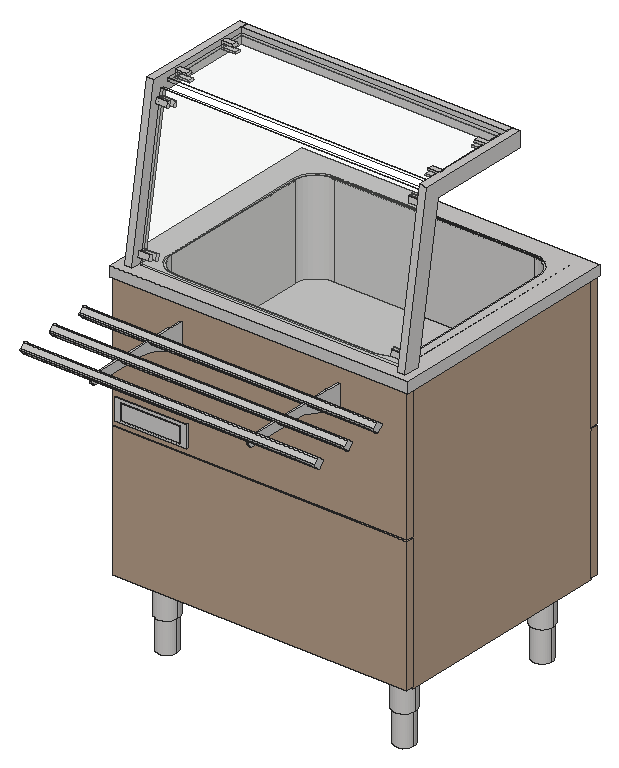
Revit family "QF_ELECTROLUXPROFESSIONAL_322075_F01H2AF01W", category Specialty Equipment, Revit 2018
Family settings
  Round Connector Dimension = Use Diameter
  Part Type = Normal
  Work Plane-Based = No
  Always vertical = Yes
  Cut with Voids When Loaded = No
  Shared = No
  Room Calculation Point = No
Parameters (values of type "Standard")
  Weight = 86.50 kg
  Watts = 0 W
  Volts = 220 V
  URL Manufacturer = "http://professional.electrolux.com"
  URL = "http://professional.electrolux.com"
  Steam Supply Size = 0 mm
  Steam Supply Minimum Pressure = 0.0 Pa
  Steam Supply Maximum Pressure = 0.0 Pa
  Steam Pounds per Hour = 0
  Show Clearance [instance] = yes
  Refrigeration Suction Line Size = 0 mm
  Refrigeration Liquid Line Size = 0 mm
  Refrigerant Compressor Remote = yes
  Manufacturer = "Electrolux Professional"
  Phase = 1
  Model = "F01H2AF01W"
  Length Actual = 770 mm  # constant formula
  Item Number = "322075"
  Hot Water Size = 0 mm
  Height Actual = 1304 mm  # constant formula
  HP = "2.7 HP"
  Gas Size = 0 mm
  Gas KW = 0
  Gas Input Pressure = 0 W
  Direct Waste Size = 19.05 mm
  Description = "BAIN-MARIE, WATER, SINGLE WELL, 2GN H=900MM OVERSHELF W/LED LIGHTS"
  Depth Actual = 915 mm  # constant formula
  Cycle = 60 Hz
  Condensate Return Size = 0 mm
  Compressed Air Volume = 0.0 L/s
  Compressed Air Size = 0 mm
  Compressed Air Pressure = 0.0 Pa
  Cold Water Size = 0 mm
  Accessory = yes
Types (2, lengths in mm): name | URL | Manufacturer | Phase | Model | Description
  (no name) | 0 | 0 | 0 | 0 | 0
  Standard | "http://professional.electrolux.com" | "Electrolux Professional" | 1 | "F01H2AF01W" | "BAIN-MARIE, WATER, SINGLE WELL, 2GN H=900MM OVERSHELF W/LED LIGHTS"
Values of the unnamed type that differ from the named types
  Volts = 0 V
  URL Manufacturer = ""
  Item Number = ""
  Cycle = 0 Hz
Reference planes
  plane 1 "Centro (Fronte/Retro)": y = 74.737
  plane 2: z = 0
  plane 3 "BACK": y = 384.737
  plane 4 "FRONT": y = -235.263
  plane 5: z = 900
  plane 6 "RIGHT": x = -129.269
  plane 7 "LEFT": x = -899.269
  plane 8: x = -514.269
  plane 9: y = 664.737
  plane 10: y = -530.02
  plane 11: z = 178
  plane 12: z = 1304
  plane 13: z = 1222
  plane 14: y = 297.737
  plane 15: y = -148.263
  plane 16: x = -821.269
  plane 17: x = -207.269
  plane 18: x = -895.269
  plane 19: y = -231.263
  plane 20: x = -133.269
  plane 21: y = 380.737
  plane 22: z = 874
  plane 23: y = 362.737
  plane 24: y = -213.263
  plane 25: z = 182
  plane 26: z = 527
  plane 27: z = 531
  plane 28: x = -308.269
  plane 29: x = -720.269
  plane 30: x = -877.394
  plane 31: x = -151.144
  plane 32: x = -171.144
  plane 33: x = -857.394
  plane 34: x = -849.269
  plane 35: x = -179.269
  plane 36: y = 130.237
  plane 37: y = 19.237
  plane 38: y = 33.237
  plane 39: y = 116.237
  plane 40: x = -787.269
  plane 41: x = -234.269
Forms (mm)
  Extrusion 1, solid, material "QF_Finishes_Wood"
    sketch origin (0, 0, 0) x (1, 0, 0) y (0, 1, 0)
      loop
        line (-895.269, 362.737) -> (-895.269, -213.263) -> (-133.269, -213.263) -> (-133.269, 362.737) -> (-895.269, 362.737)
    from 178 to 874
  Extrusion 2, solid, material "QF_Finishes_Wood"
    sketch origin (-133.269, 362.737, 0) x (0, -1, 0) y (0, 0, -1)
      loop
        line (576, -182) -> (576, -527) -> (594, -527) -> (594, -182) -> (576, -182)
      loop
        line (576, -531) -> (576, -874) -> (594, -874) -> (594, -531) -> (576, -531)
    from 0 to -762
  Extrusion 3, solid, material "QF_Finishes_Wood"
    sketch origin (-133.269, -213.263, 0) x (0, 1, 0) y (0, 0, 1)
      loop
        line (576, 531) -> (594, 531) -> (594, 874) -> (576, 874) -> (576, 531)
    from 0 to -762
  Extrusion 4, solid, material "QF_Finishes_Stainless Steel"
    sketch origin (0, 0, 0) x (1, 0, 0) y (0, 1, 0)
      loop
        line (-899.269, 384.737) -> (-899.269, -235.263) -> (-129.269, -235.263) -> (-129.269, 384.737) -> (-899.269, 384.737)
    from 874 to 900
  Extrusion 5, solid, material "QF_Finishes_Stainless Steel"
    sketch origin (-313.269, 362.737, 0) x (0, -1, 0) y (0, 0, -1)
      loop
        arc (628.84, -832.7) -> (632.082, -833.911) -> (635.519, -834.32) r 14.5
        line (635.519, -834.32) -> (675.715, -834.32) -> (689.858, -820.177) -> (704, -834.32) -> (770.715, -834.32) -> (784.858, -820.177) -> (799, -834.32) -> (865.716, -834.32) -> (879.858, -820.177) -> (887.686, -828.005) -> (887.686, -821.352)
        arc (887.686, -821.352) -> (887.303, -819.435) -> (886.214, -817.81) r 4.999
        line (886.214, -817.81) -> (881.179, -812.776)
        arc (881.179, -812.776) -> (879.559, -811.698) -> (877.651, -811.32) r 5
        line (877.651, -811.32) -> (732.206, -811.32)
        arc (732.206, -811.32) -> (708.662, -809.221) -> (685.86, -802.991) r 133.106
        line (685.86, -802.991) -> (638.285, -785.32) -> (597.679, -770.12) -> (594, -770.12) -> (594, -832.7) -> (628.84, -832.7)
    from 0 to 5
  Extrusion 6, void
    sketch origin (0, 0, 0) x (1, 0, 0) y (0, 1, 0)
      loop
        line (-834.269, 273.737) -> (-834.269, -124.263)
        arc (-834.269, -124.263) -> (-816.402, -167.396) -> (-773.269, -185.263) r 61
        line (-773.269, -185.263) -> (-255.269, -185.263)
        arc (-255.269, -185.263) -> (-212.135, -167.396) -> (-194.269, -124.263) r 61
        line (-194.269, -124.263) -> (-194.269, 273.737)
        arc (-194.269, 273.737) -> (-212.135, 316.871) -> (-255.269, 334.737) r 61
        line (-255.269, 334.737) -> (-773.269, 334.737)
        arc (-773.269, 334.737) -> (-816.402, 316.871) -> (-834.269, 273.737) r 61
    from 629.808 to 900
  Extrusion 7, solid, material "QF_Finishes_Wood"
    sketch origin (419.731, -213.263, -348) x (0, 1, 0) y (0, 0, 1)
      loop
        line (576, 530) -> (594, 530) -> (594, 875) -> (576, 875) -> (576, 530)
    from -553 to -658.044
  Extrusion 8, solid, material "QF_Finishes_Wood"
    sketch origin (-234.269, -213.263, -348) x (0, 1, 0) y (0, 0, 1)
      loop
        line (576, 530) -> (594, 530) -> (594, 875) -> (576, 875) -> (576, 530)
    from -548.963 to -661
  Extrusion 9, solid, material "QF_Door-Drawer Clearances", visible <- "Show Clearance"
    sketch origin (0, -4, 0) x (1, 0, 0) y (0, 1, 0)
      loop
        line (-783.232, 384.737) -> (-238.312, 384.737) -> (-710.987, 657.636)
        arc (-710.987, 657.636) -> (-765.12, 525.955) -> (-783.232, 384.737) r 544.001
    from 182 to 527
  Extrusion 10, solid, material "QF_Finishes_Stainless Steel"
    sketch origin (-720.269, 362.737, 0) x (0, -1, 0) y (0, 0, -1)
      loop
        arc (628.84, -832.7) -> (632.082, -833.911) -> (635.519, -834.32) r 14.5
        line (635.519, -834.32) -> (675.715, -834.32) -> (689.858, -820.177) -> (704, -834.32) -> (770.715, -834.32) -> (784.858, -820.177) -> (799, -834.32) -> (865.716, -834.32) -> (879.858, -820.177) -> (887.686, -828.005) -> (887.686, -821.352)
        arc (887.686, -821.352) -> (887.303, -819.435) -> (886.214, -817.81) r 4.999
        line (886.214, -817.81) -> (881.179, -812.776)
        arc (881.179, -812.776) -> (879.559, -811.698) -> (877.651, -811.32) r 5
        line (877.651, -811.32) -> (732.206, -811.32)
        arc (732.206, -811.32) -> (708.662, -809.221) -> (685.86, -802.991) r 133.106
        line (685.86, -802.991) -> (638.285, -785.32) -> (597.679, -770.12) -> (594, -770.12) -> (594, -832.7) -> (628.84, -832.7)
    from 0 to 5
  Extrusion 11, solid, material "QF_Finishes_Stainless Steel"
    sketch origin (-133.269, 362.737, 0) x (0, -1, 0) y (0, 0, -1)
      loop
        line (881.983, -846.337) -> (891.875, -836.445)
        arc (891.875, -836.445) -> (892.757, -834.322) -> (891.879, -832.198) r 3
        line (891.879, -832.198) -> (881.979, -822.299)
        arc (881.979, -822.299) -> (879.858, -821.42) -> (877.737, -822.299) r 3
        line (877.737, -822.299) -> (867.837, -832.198)
        arc (867.837, -832.198) -> (866.958, -834.32) -> (867.837, -836.441) r 3
        line (867.837, -836.441) -> (877.737, -846.34)
        arc (877.737, -846.34) -> (879.86, -847.219) -> (881.983, -846.337) r 3
      loop
        line (786.979, -846.34) -> (796.879, -836.441)
        arc (796.879, -836.441) -> (797.757, -834.32) -> (796.879, -832.198) r 3
        line (796.879, -832.198) -> (786.979, -822.299)
        arc (786.979, -822.299) -> (784.858, -821.42) -> (782.737, -822.299) r 3
        line (782.737, -822.299) -> (772.837, -832.198)
        arc (772.837, -832.198) -> (771.958, -834.317) -> (772.833, -836.437) r 3
        line (772.833, -836.437) -> (782.741, -846.345)
        arc (782.741, -846.345) -> (784.861, -847.219) -> (786.979, -846.34) r 3
      loop
        line (691.976, -846.343) -> (701.882, -836.438)
        arc (701.882, -836.438) -> (702.757, -834.318) -> (701.879, -832.198) r 3
        line (701.879, -832.198) -> (691.979, -822.299)
        arc (691.979, -822.299) -> (689.858, -821.42) -> (687.737, -822.299) r 3
        line (687.737, -822.299) -> (677.837, -832.198)
        arc (677.837, -832.198) -> (676.958, -834.32) -> (677.837, -836.441) r 3
        line (677.837, -836.441) -> (687.737, -846.34)
        arc (687.737, -846.34) -> (689.856, -847.219) -> (691.976, -846.343) r 3
    from 0 to -762
  Extrusion 12, solid, material "QF_Finishes_Stainless Steel"
    sketch origin (-133.269, 362.737, 0) x (0, -1, 0) y (0, 0, -1)
      loop
        line (206.477, -1264.379) -> (206.477, -1304) -> (507.108, -1304) -> (578.344, -900) -> (537.727, -900) -> (473.477, -1264.379) -> (206.477, -1264.379)
    from -17.875 to -37.875
  Extrusion 13, solid, material "QF_Finishes_Stainless Steel"
    sketch origin (-895.269, 362.737, 0) x (0, -1, 0) y (0, 0, 1)
      loop
        line (206.477, 1264.379) -> (473.477, 1264.379) -> (537.727, 900) -> (578.344, 900) -> (507.108, 1304) -> (206.477, 1304) -> (206.477, 1264.379)
    from -17.875 to -37.875
  Extrusion 14, solid, material "QF_Finishes_Glass"
    sketch origin (-133.269, -231.263, 531) x (0, 0, 1) y (-1, 0, 0)
      loop
        line (757.879, 46) -> (765.879, 46) -> (765.879, 716) -> (757.879, 716) -> (757.879, 46)
    from -361.5 to -120.204
  Extrusion 15, solid, material "QF_Finishes_Stainless Steel"
    sketch origin (0, 0, 0) x (1, 0, 0) y (0, 1, 0)
      loop
        line (-857.394, 156.26) -> (-857.394, 136.26) -> (-171.144, 136.26) -> (-171.144, 156.26) -> (-857.394, 156.26)
    from 1264.379 to 1304
  Extrusion 16, solid, material "QF_Finishes_Glass"
    sketch origin (-133.269, 362.737, 0) x (0, -1, 0) y (0, 0, -1)
      loop
        line (494.569, -1282.974) -> (562.097, -900) -> (553.974, -900) -> (486.445, -1282.974) -> (494.569, -1282.974)
    from -46 to -716
  Extrusion 17, solid, material "QF_Finishes_Stainless Steel"
    sketch origin (-133.269, -64.263, 531) x (0, 0, 1) y (-1, 0, 0)
      loop
        line (765.879, 691.5) -> (770.879, 693.5) -> (770.879, 724.125) -> (750.879, 724.125) -> (750.879, 716) -> (751.974, 716) -> (751.974, 685.938) -> (755.879, 687.5) -> (755.879, 717) -> (765.879, 717) -> (765.879, 691.5)
    from 0 to 14
  Extrusion 18, solid, material "QF_Finishes_Stainless Steel"
    sketch origin (-133.269, 85.737, 531) x (0, 0, 1) y (-1, 0, 0)
      loop
        line (765.879, 691.5) -> (770.879, 693.5) -> (770.879, 724.125) -> (750.879, 724.125) -> (750.879, 716) -> (751.974, 716) -> (751.974, 685.938) -> (755.879, 687.5) -> (755.879, 717) -> (765.879, 717) -> (765.879, 691.5)
    from 0 to 14
  Extrusion 19, solid, material "QF_Finishes_Stainless Steel"
    sketch origin (-895.269, -64.263, 531) x (0, 0, 1) y (-1, 0, 0)
      loop
        line (765.879, -691.5) -> (765.879, -717) -> (755.879, -717) -> (755.879, -687.5) -> (751.974, -685.938) -> (751.974, -716) -> (750.879, -716) -> (750.879, -724.125) -> (770.879, -724.125) -> (770.879, -693.5) -> (765.879, -691.5)
    from 0 to 14
  Extrusion 20, solid, material "QF_Finishes_Stainless Steel"
    sketch origin (-895.269, 85.737, 531) x (0, 0, 1) y (-1, 0, 0)
      loop
        line (765.879, -691.5) -> (765.879, -717) -> (755.879, -717) -> (755.879, -687.5) -> (751.974, -685.938) -> (751.974, -716) -> (750.879, -716) -> (750.879, -724.125) -> (770.879, -724.125) -> (770.879, -693.5) -> (765.879, -691.5)
    from 0 to 14
  Extrusion 21, solid, material "QF_Finishes_Stainless Steel"
    sketch origin (-895.269, 619.458, 1129.907) x (0, -0.984808, 0.173648) y (-1, 0, 0)
      loop
        line (765.879, -691.5) -> (765.879, -717) -> (755.879, -717) -> (755.879, -687.5) -> (751.974, -685.938) -> (751.974, -716) -> (750.879, -716) -> (750.879, -724.125) -> (770.879, -724.125) -> (770.879, -693.5) -> (765.879, -691.5)
    from 0 to 14
  Extrusion 22, solid, material "QF_Finishes_Stainless Steel"
    sketch origin (-133.269, 619.458, 1129.907) x (0, -0.984808, 0.173648) y (-1, 0, 0)
      loop
        line (765.879, 691.5) -> (770.879, 693.5) -> (770.879, 724.125) -> (750.879, 724.125) -> (750.879, 716) -> (751.974, 716) -> (751.974, 685.938) -> (755.879, 687.5) -> (755.879, 717) -> (765.879, 717) -> (765.879, 691.5)
    from 0 to 14
  Extrusion 23, solid, material "QF_Finishes_Stainless Steel"
    sketch origin (-895.269, 562.154, 799.389) x (0, -0.984808, 0.173648) y (-1, 0, 0)
      loop
        line (765.879, -691.5) -> (765.879, -717) -> (755.879, -717) -> (755.879, -687.5) -> (751.974, -685.938) -> (751.974, -716) -> (750.879, -716) -> (750.879, -724.125) -> (770.879, -724.125) -> (770.879, -693.5) -> (765.879, -691.5)
    from 0 to 14
  Extrusion 24, solid, material "QF_Finishes_Stainless Steel"
    sketch origin (-133.269, 562.154, 799.389) x (0, -0.984808, 0.173648) y (-1, 0, 0)
      loop
        line (765.879, 691.5) -> (770.879, 693.5) -> (770.879, 724.125) -> (750.879, 724.125) -> (750.879, 716) -> (751.974, 716) -> (751.974, 685.938) -> (755.879, 687.5) -> (755.879, 717) -> (765.879, 717) -> (765.879, 691.5)
    from 0 to 14
  Extrusion 25, solid, material "QF_Finishes_Wood"
    sketch origin (314.688, -213.263, -348) x (0, 1, 0) y (0, 0, 1)
      loop
        line (576, 530) -> (594, 530) -> (594, 875) -> (576, 875) -> (576, 530)
    from -553 to -1097.92
  Extrusion 26, solid, material "QF_Finishes_Stainless Steel"
    sketch origin (-1028.537, 3.4, 0) x (-1, 0, 0) y (0, -1, 0)
      loop
        circle (-196.269, -121.337) r 10
    from 178 to 166
  Extrusion 27, solid, material "QF_Finishes_Stainless Steel"
    sketch origin (-1028.537, 146.074, 0) x (-1, 0, 0) y (0, -1, 0)
      loop
        circle (-196.269, 121.337) r 10
    from 178 to 166
Cuts and joins
  Extrusion 6 cuts Extrusion 1
  Extrusion 6 cuts Extrusion 4
Lines and regions (mm)
  symbolic lines
    curve 1: line (-129.269, 384.737, 0) -> (-129.269, -235.263, 0)
    curve 2: line (-899.269, -235.263, 0) -> (-899.269, 384.737, 0)
    curve 3: line (-899.269, 384.737, 0) -> (-129.269, 384.737, 0)
    curve 4: line (-899.269, -235.263, 0) -> (-129.269, -235.263, 0)
    curve 5: line (-179.269, -64.263, 0) -> (-179.269, 71.737, 0)
    curve 6: line (-849.269, 71.737, 0) -> (-849.269, -64.263, 0)
    curve 7: line (-877.394, 156.26, 0) -> (-151.144, 156.26, 0)
    curve 8: line (-151.144, 156.26, 0) -> (-151.144, -215.607, 0)
    curve 9: line (-151.144, -215.607, 0) -> (-171.144, -215.607, 0)
    curve 10: line (-171.144, -215.607, 0) -> (-171.144, 156.26, 0)
    curve 11: line (-171.144, 136.26, 0) -> (-857.394, 136.26, 0)
    curve 12: line (-857.394, 156.26, 0) -> (-857.394, -215.607, 0)
    curve 13: line (-857.394, -215.607, 0) -> (-877.394, -215.607, 0)
    curve 14: line (-877.394, -215.607, 0) -> (-877.394, 156.26, 0)
    curve 15: line (-877.394, -144.371, 0) -> (-857.394, -144.371, 0)
    curve 16: line (-171.144, -144.371, 0) -> (-151.144, -144.371, 0)
    curve 17: line (-849.269, 130.237, 0) -> (-849.269, 85.737, 0)
    curve 18: line (-849.269, 130.237, 0) -> (-179.269, 130.237, 0)
    curve 19: line (-179.269, 130.237, 0) -> (-179.269, 85.737, 0)
    curve 20: line (-179.269, -78.263, 0) -> (-179.269, -111.059, 0)
    curve 21: line (-171.144, 85.737, 0) -> (-203.769, 85.737, 0)
    curve 22: line (-203.769, 85.737, 0) -> (-203.769, 71.737, 0)
    curve 23: line (-203.769, 71.737, 0) -> (-171.144, 71.737, 0)
    curve 24: line (-171.144, -64.263, 0) -> (-203.769, -64.263, 0)
    curve 25: line (-203.769, -64.263, 0) -> (-203.769, -78.263, 0)
    curve 26: line (-203.769, -78.263, 0) -> (-171.144, -78.263, 0)
    curve 27: line (-857.394, -64.263, 0) -> (-824.769, -64.263, 0)
    curve 28: line (-824.769, -64.263, 0) -> (-824.769, -78.263, 0)
    curve 29: line (-824.769, -78.263, 0) -> (-857.394, -78.263, 0)
    curve 30: line (-857.394, 85.737, 0) -> (-824.769, 85.737, 0)
    curve 31: line (-824.769, 85.737, 0) -> (-824.769, 71.737, 0)
    curve 32: line (-824.769, 71.737, 0) -> (-857.394, 71.737, 0)
    curve 33: line (-857.394, -142.14, 0) -> (-826.769, -142.14, 0)
    curve 34: line (-826.769, -142.14, 0) -> (-826.769, -139.709, 0)
    curve 35: line (-826.769, -139.709, 0) -> (-857.394, -139.709, 0)
    curve 36: line (-826.769, -142.14, 0) -> (-824.769, -137.216, 0)
    curve 37: line (-850.269, -134.785, 0) -> (-824.769, -134.785, 0)
    curve 38: line (-850.269, -134.785, 0) -> (-850.269, -124.937, 0)
    curve 39: line (-850.269, -124.937, 0) -> (-849.269, -124.937, 0)
    curve 40: line (-850.269, -127.368, 0) -> (-849.269, -127.368, 0)
    curve 41: line (-857.394, -120.013, 0) -> (-849.269, -120.013, 0)
    curve 42: line (-849.269, -120.013, 0) -> (-849.269, -121.091, 0)
    curve 43: line (-849.269, -121.091, 0) -> (-819.207, -121.091, 0)
    curve 44: line (-819.207, -121.091, 0) -> (-819.207, -123.708, 0)
    curve 45: line (-819.207, -121.091, 0) -> (-820.269, -123.708, 0)
    curve 46: line (-826.769, -139.709, 0) -> (-824.769, -134.785, 0)
    curve 47: line (-824.769, -134.785, 0) -> (-824.769, -137.216, 0)
    curve 48: line (-849.269, -123.708, 0) -> (-849.269, -134.785, 0)
    curve 49: line (-179.269, -131.831, 0) -> (-179.269, -123.708, 0)
    curve 50: line (-179.269, -123.708, 0) -> (-849.269, -123.708, 0)
    curve 51: line (-171.144, -142.14, 0) -> (-201.769, -142.14, 0)
    curve 52: line (-201.769, -142.14, 0) -> (-201.769, -139.709, 0)
    curve 53: line (-201.769, -139.709, 0) -> (-171.144, -139.709, 0)
    curve 54: line (-201.769, -142.14, 0) -> (-203.769, -137.216, 0)
    curve 55: line (-178.269, -134.785, 0) -> (-203.769, -134.785, 0)
    curve 56: line (-178.269, -134.785, 0) -> (-178.269, -124.937, 0)
    curve 57: line (-178.269, -124.937, 0) -> (-179.269, -124.937, 0)
    curve 58: line (-178.269, -127.368, 0) -> (-179.269, -127.368, 0)
    curve 59: line (-171.144, -120.013, 0) -> (-179.269, -120.013, 0)
    curve 60: line (-179.269, -120.013, 0) -> (-179.269, -121.091, 0)
    curve 61: line (-179.269, -121.091, 0) -> (-209.331, -121.091, 0)
    curve 62: line (-209.331, -121.091, 0) -> (-209.331, -123.708, 0)
    curve 63: line (-209.331, -121.091, 0) -> (-208.268, -123.708, 0)
    curve 64: line (-201.769, -139.709, 0) -> (-203.769, -134.785, 0)
    curve 65: line (-203.769, -134.785, 0) -> (-203.769, -137.216, 0)
    curve 66: line (-179.269, -123.708, 0) -> (-179.269, -134.785, 0)
    curve 67: line (-849.269, -142.14, 0) -> (-849.269, -192.089, 0)
    curve 68: line (-849.269, -177.317, 0) -> (-857.394, -177.317, 0)
    curve 69: line (-849.269, -182.241, 0) -> (-850.269, -182.241, 0)
    curve 70: line (-850.269, -184.672, 0) -> (-849.269, -184.672, 0)
    curve 71: line (-850.269, -182.241, 0) -> (-850.269, -192.089, 0)
    curve 72: line (-850.269, -192.089, 0) -> (-824.779, -192.089, 0)
    curve 73: line (-826.769, -197.013, 0) -> (-824.779, -192.089, 0)
    curve 74: line (-824.779, -192.089, 0) -> (-824.779, -194.52, 0)
    curve 75: line (-826.769, -199.444, 0) -> (-824.779, -194.52, 0)
    curve 76: line (-826.769, -197.013, 0) -> (-826.769, -199.444, 0)
    curve 77: line (-857.394, -199.444, 0) -> (-826.769, -199.444, 0)
    curve 78: line (-826.769, -197.013, 0) -> (-857.394, -197.013, 0)
    curve 79: line (-179.269, -177.317, 0) -> (-171.144, -177.317, 0)
    curve 80: line (-179.269, -182.241, 0) -> (-178.269, -182.241, 0)
    curve 81: line (-178.269, -184.672, 0) -> (-179.269, -184.672, 0)
    curve 82: line (-178.269, -182.241, 0) -> (-178.269, -192.089, 0)
    curve 83: line (-178.269, -192.089, 0) -> (-203.758, -192.089, 0)
    curve 84: line (-201.769, -197.013, 0) -> (-203.758, -192.089, 0)
    curve 85: line (-203.758, -192.089, 0) -> (-203.758, -194.52, 0)
    curve 86: line (-201.769, -199.444, 0) -> (-203.758, -194.52, 0)
    curve 87: line (-201.769, -197.013, 0) -> (-201.769, -199.444, 0)
    curve 88: line (-171.144, -199.444, 0) -> (-201.769, -199.444, 0)
    curve 89: line (-201.769, -197.013, 0) -> (-171.144, -197.013, 0)
    curve 90: line (-826.735, -199.36, 0) -> (-201.803, -199.36, 0)
    curve 91: line (-849.269, -78.263, 0) -> (-849.269, -111.059, 0)
    curve 92: line (-849.269, -111.059, 0) -> (-179.269, -111.059, 0)
    curve 93: line (-849.269, -131.831, 0) -> (-179.269, -131.831, 0)
    curve 94: line (-179.269, -142.14, 0) -> (-179.269, -192.089, 0)
    curve 95: line (-899.269, -235.263, 0) -> (-899.269, -530.02, 0)
    curve 96: line (-899.269, -530.02, 0) -> (-129.269, -530.02, 0)
    curve 97: line (-129.269, -530.02, 0) -> (-129.269, -235.263, 0)
  symbolic lines, style "QF_Door-Drawer Clearances"
    curve 98: arc (-710.987, 653.636, 0) -> (-764.605, 523.887, 0) -> (-783.232, 384.737, 0) r 544.001
    curve 99: line (-245.24, 384.737, 0) -> (-710.987, 653.636, 0)
    curve 100: line (-285.24, 384.737, 0) -> (-720.987, 636.316, 0)
  symbolic lines, style "SpecialityEquipmentHiddenLines"
    curve 101: line (-255.269, 329.737, 0) -> (-773.269, 329.737, 0)
    curve 102: arc (-773.269, 329.737, 0) -> (-812.867, 313.335, 0) -> (-829.269, 273.737, 0) r 56
    curve 103: line (-829.269, 273.737, 0) -> (-829.269, -124.263, 0)
    curve 104: arc (-829.269, -124.263, 0) -> (-812.867, -163.861, 0) -> (-773.269, -180.263, 0) r 56
    curve 105: line (-773.269, -180.263, 0) -> (-255.269, -180.263, 0)
    curve 106: arc (-255.269, -180.263, 0) -> (-215.671, -163.861, 0) -> (-199.269, -124.263, 0) r 56
    curve 107: line (-199.269, -124.263, 0) -> (-199.269, 273.737, 0)
    curve 108: arc (-199.269, 273.737, 0) -> (-215.671, 313.335, 0) -> (-255.269, 329.737, 0) r 56
    curve 109: line (-514.269, 329.737, 0) -> (-514.269, -180.263, 0)
Dimensions and locks
  plane 7 "LEFT" to plane 6 "RIGHT" = 770 mm
  equal spacing: plane 3 "BACK", plane 1 "Centro (Fronte/Retro)", plane 4 "FRONT"
  plane 3 "BACK" to plane 4 "FRONT" = 620 mm
  equal spacing: plane 7 "LEFT", plane 8, plane 6 "RIGHT"
  locked: plane 9 to plane 3 "BACK" at 280
  locked: plane 4 "FRONT" to plane 10 at 294.757
  locked: plane 11 to plane 2 at 178
  locked: plane 5 to plane 2 at 900
  locked: plane 12 to plane 2 at 1304
  locked: plane 13 to plane 2 at 1222
  locked: plane 3 "BACK" to plane 14 at 87
  locked: plane 7 "LEFT" to plane 16 at 78
  locked: plane 17 to plane 6 "RIGHT" at 78
  locked: plane 15 to plane 4 "FRONT" at 87
  locked: plane 3 "BACK" to plane 21 at 4
  locked: plane 7 "LEFT" to plane 18 at 4
  locked: plane 20 to plane 6 "RIGHT" at 4
  locked: plane 19 to plane 4 "FRONT" at 4
  locked: plane 5 to plane 22 at 26
  locked: plane 24 to plane 19 at 18
  locked: plane 21 to plane 23 at 18
  locked: plane 20 to plane 28 at 175
  locked: plane 29 to plane 18 at 175
  equal spacing: plane 30, plane 8, plane 31
  plane 30 to plane 31 = 726.25 mm
  locked: plane 30 to plane 33 at 20
  locked: plane 32 to plane 31 at 20
  equal spacing: plane 34, plane 8, plane 35
  plane 34 to plane 35 = 670 mm
  equal spacing: plane 36, plane 1 "Centro (Fronte/Retro)", plane 37
  plane 36 to plane 37 = 111 mm
  locked: plane 36 to plane 39 at 14
  locked: plane 38 to plane 37 at 14
  locked: plane 41 to plane 6 "RIGHT" at 105
  locked: plane 7 "LEFT" to plane 40 at 112
  plane 16 to plane 7 "LEFT" = 78 mm
  plane 6 "RIGHT" to plane 17 = 78 mm
  angle Extrusion 9 sketch curve to Extrusion 9 sketch curve = 30.00°
  aligned and locked: level to plane 2
  aligned and locked: Extrusion 1 sketch curve to plane 23
  aligned and locked: plane 18 to Extrusion 1 sketch curve
  aligned and locked: plane 24 to Extrusion 1 sketch curve
  aligned and locked: Extrusion 1 sketch curve to plane 20
  aligned and locked: plane 22 to Extrusion 1
  aligned and locked: Extrusion 1 to plane 11
  aligned and locked: plane 25 to Extrusion 2 sketch curve
  aligned and locked: Extrusion 2 sketch curve to plane 24  (x2)
  aligned and locked: Extrusion 2 sketch curve to plane 26
  aligned and locked: plane 19 to Extrusion 2 sketch curve  (x2)
  aligned and locked: plane 27 to Extrusion 2 sketch curve
  aligned and locked: Extrusion 2 sketch curve to plane 22
  aligned and locked: Extrusion 2 to plane 18
  aligned and locked: Extrusion 3 to plane 18
  aligned and locked: Extrusion 4 sketch curve to plane 3 "BACK"
  aligned and locked: plane 7 "LEFT" to Extrusion 4 sketch curve
  aligned and locked: plane 4 "FRONT" to Extrusion 4 sketch curve
  aligned and locked: Extrusion 4 sketch curve to plane 6 "RIGHT"
  aligned and locked: Extrusion 4 to plane 22
  aligned and locked: plane 20 to Extrusion 7
  aligned and locked: Extrusion 8 to plane 18
  aligned and locked: plane 26 to Extrusion 9
  aligned and locked: Extrusion 7 to plane 25
  aligned and locked: Extrusion 8 to plane 25
  aligned and locked: plane 16 to nested 1
  aligned and locked: plane 17 to nested 2
  aligned and locked: nested 2 to plane 15
  aligned and locked: nested 1 to plane 15
  aligned and locked: nested 3 to plane 14
  aligned and locked: plane 16 to nested 4
  aligned and locked: plane 20 to Extrusion 11
  aligned and locked: Extrusion 11 to plane 18
  aligned and locked: nested 4 to plane 14
  aligned and locked: Extrusion 12 to plane 31
  aligned and locked: Extrusion 12 to plane 32
  aligned and locked: plane 33 to Extrusion 13
  aligned and locked: Extrusion 13 to plane 30
  aligned and locked: Extrusion 15 sketch curve to plane 32
  aligned and locked: plane 33 to Extrusion 15 sketch curve
  aligned and locked: Extrusion 15 to Extrusion 12
  aligned and locked: Extrusion 16 to plane 34
  aligned and locked: plane 35 to Extrusion 16
  aligned and locked: plane 33 to Extrusion 17 sketch curve
  aligned and locked: Extrusion 14 sketch curve to plane 35
  aligned and locked: plane 34 to Extrusion 14 sketch curve
Automatic sketch dimensions
  Extrusion 1 to Extrusion 3 sketch curve = 0 mm
  Extrusion 3 sketch curve to Extrusion 1 = 0 mm
  Extrusion 3 sketch curve to Extrusion 3 sketch curve = 18 mm
  Extrusion 3 sketch curve to Extrusion 3 sketch curve = 343 mm
  Extrusion 5 sketch curve to plane 19 = 0 mm
  plane 4 "FRONT" to Extrusion 5 sketch curve = 0.321 mm
  Extrusion 5 sketch curve to plane 4 "FRONT" = 30.84 mm
  Extrusion 5 sketch curve to Extrusion 5 sketch curve = 6.66 mm
  Extrusion 5 sketch curve to Extrusion 5 sketch curve = 6.678 mm
  Extrusion 5 sketch curve to Extrusion 5 sketch curve = 2.785 mm
  Extrusion 5 sketch curve to Extrusion 5 sketch curve = 40.197 mm
  Extrusion 5 sketch curve to Extrusion 5 sketch curve = 10.145 mm
  Extrusion 5 sketch curve to Extrusion 5 sketch curve = 3.998 mm
  Extrusion 5 sketch curve to plane 22 = 39.68 mm  (x3)
  Extrusion 5 sketch curve to Extrusion 5 sketch curve = 14.142 mm  (x3)
  Extrusion 5 sketch curve to Extrusion 5 sketch curve = 28.206 mm
  Extrusion 5 sketch curve to Extrusion 5 sketch curve = 38.51 mm
  Extrusion 5 sketch curve to Extrusion 5 sketch curve = 14.143 mm
  plane 10 to Extrusion 5 sketch curve = 27.042 mm
  plane 10 to Extrusion 5 sketch curve = 15.107 mm
  Extrusion 5 sketch curve to Extrusion 5 sketch curve = 2.207 mm
  Extrusion 5 sketch curve to Extrusion 5 sketch curve = 3.528 mm  (x2)
  Extrusion 5 sketch curve to Extrusion 5 sketch curve = 2.829 mm
  plane 10 to Extrusion 5 sketch curve = 5.072 mm
  Extrusion 5 sketch curve to Extrusion 5 sketch curve = 1.62 mm
  Extrusion 5 sketch curve to Extrusion 5 sketch curve = 6.314 mm
  Extrusion 5 sketch curve to Extrusion 5 sketch curve = 6.653 mm
  Extrusion 5 sketch curve to Extrusion 5 sketch curve = 1.175 mm
  Extrusion 5 sketch curve to Extrusion 5 sketch curve = 3.858 mm
  Extrusion 5 sketch curve to Extrusion 5 sketch curve = 3.543 mm
  Extrusion 5 sketch curve to Extrusion 5 sketch curve = 23 mm
  Extrusion 5 sketch curve to Extrusion 5 sketch curve = 17.187 mm
  Extrusion 5 sketch curve to Extrusion 5 sketch curve = 34.499 mm
  Extrusion 5 sketch curve to Extrusion 5 sketch curve = 15.2 mm
  Extrusion 5 sketch curve to Extrusion 5 sketch curve = 0 mm
  Extrusion 6 sketch curve to plane 40 = 14 mm  (x2)
  plane 41 to Extrusion 6 sketch curve = 21 mm  (x2)
  plane 17 to Extrusion 6 sketch curve = 13 mm
  plane 24 to Extrusion 6 sketch curve = 28 mm
  plane 15 to Extrusion 6 sketch curve = 24 mm
  Extrusion 6 sketch curve to plane 14 = 24 mm  (x2)
  Extrusion 6 sketch curve to Extrusion 6 sketch curve = 0 mm  (x3)
  Extrusion 7 sketch curve to plane 23 = 0 mm
  Extrusion 7 sketch curve to plane 21 = 0 mm
  Extrusion 7 sketch curve to plane 25 = 0 mm
  Extrusion 7 sketch curve to plane 26 = 0 mm
  Extrusion 8 sketch curve to plane 23 = 0 mm
  Extrusion 8 sketch curve to plane 21 = 0 mm
  Extrusion 8 sketch curve to plane 25 = 0 mm
  Extrusion 8 sketch curve to plane 26 = 0 mm
  Extrusion 9 sketch curve to plane 21 = 0 mm
  Extrusion 9 sketch curve to plane 40 = 4.037 mm
  Extrusion 9 sketch curve to plane 3 "BACK" = 2 mm
  plane 41 to Extrusion 9 sketch curve = 4.966 mm
  Extrusion 9 sketch curve to Extrusion 9 sketch curve = 0.923 mm
  Extrusion 10 sketch curve to plane 19 = 0 mm
  plane 4 "FRONT" to Extrusion 10 sketch curve = 0.321 mm
  Extrusion 10 sketch curve to plane 4 "FRONT" = 30.84 mm
  Extrusion 10 sketch curve to Extrusion 10 sketch curve = 6.66 mm
  Extrusion 10 sketch curve to Extrusion 10 sketch curve = 6.678 mm
  Extrusion 10 sketch curve to Extrusion 10 sketch curve = 2.785 mm
  Extrusion 10 sketch curve to Extrusion 10 sketch curve = 40.197 mm
  Extrusion 10 sketch curve to Extrusion 10 sketch curve = 10.145 mm
  Extrusion 10 sketch curve to Extrusion 10 sketch curve = 3.998 mm
  Extrusion 10 sketch curve to plane 22 = 39.68 mm  (x3)
  Extrusion 10 sketch curve to Extrusion 10 sketch curve = 14.142 mm  (x3)
  Extrusion 10 sketch curve to Extrusion 10 sketch curve = 28.206 mm
  Extrusion 10 sketch curve to Extrusion 10 sketch curve = 38.51 mm
  Extrusion 10 sketch curve to Extrusion 10 sketch curve = 14.143 mm
  plane 10 to Extrusion 10 sketch curve = 27.042 mm
  plane 10 to Extrusion 10 sketch curve = 15.107 mm
  Extrusion 10 sketch curve to Extrusion 10 sketch curve = 2.207 mm
  Extrusion 10 sketch curve to Extrusion 10 sketch curve = 3.528 mm  (x2)
  Extrusion 10 sketch curve to Extrusion 10 sketch curve = 2.829 mm
  plane 10 to Extrusion 10 sketch curve = 5.072 mm
  Extrusion 10 sketch curve to Extrusion 10 sketch curve = 1.62 mm
  Extrusion 10 sketch curve to Extrusion 10 sketch curve = 6.314 mm
  Extrusion 10 sketch curve to Extrusion 10 sketch curve = 6.653 mm
  Extrusion 10 sketch curve to Extrusion 10 sketch curve = 1.175 mm
  Extrusion 10 sketch curve to Extrusion 10 sketch curve = 3.858 mm
  Extrusion 10 sketch curve to Extrusion 10 sketch curve = 3.543 mm
  Extrusion 10 sketch curve to Extrusion 10 sketch curve = 23 mm
  Extrusion 10 sketch curve to Extrusion 10 sketch curve = 17.187 mm
  Extrusion 10 sketch curve to Extrusion 10 sketch curve = 34.499 mm
  Extrusion 10 sketch curve to Extrusion 10 sketch curve = 15.2 mm
  Extrusion 10 sketch curve to Extrusion 10 sketch curve = 0 mm
  Extrusion 1 to Extrusion 11 sketch curve = 39.68 mm
  Extrusion 11 sketch curve to Extrusion 1 = 103.958 mm
  Extrusion 11 sketch curve to Extrusion 11 sketch curve = 9.899 mm  (x7)
  Extrusion 1 to Extrusion 11 sketch curve = 27.657 mm
  Extrusion 11 sketch curve to Extrusion 11 sketch curve = 2.118 mm  (x3)
  Extrusion 1 to Extrusion 11 sketch curve = 37.562 mm
  Extrusion 11 sketch curve to Extrusion 11 sketch curve = 2.124 mm  (x2)
  Extrusion 1 to Extrusion 11 sketch curve = 37.563 mm
  Extrusion 11 sketch curve to Extrusion 11 sketch curve = 70.951 mm
  Extrusion 1 to Extrusion 11 sketch curve = 41.802 mm  (x6)
  Extrusion 11 sketch curve to Extrusion 11 sketch curve = 0.004 mm
  Extrusion 11 sketch curve to Extrusion 11 sketch curve = 2.126 mm
  Extrusion 1 to Extrusion 11 sketch curve = 27.655 mm
  Extrusion 11 sketch curve to Extrusion 11 sketch curve = 9.908 mm
  Extrusion 11 sketch curve to Extrusion 11 sketch curve = 2.117 mm
  Extrusion 11 sketch curve to Extrusion 11 sketch curve = 9.9 mm  (x3)
  Extrusion 1 to Extrusion 11 sketch curve = 27.66 mm  (x3)
  Extrusion 11 sketch curve to Extrusion 11 sketch curve = 2.121 mm  (x16)
  Extrusion 1 to Extrusion 11 sketch curve = 37.559 mm  (x3)
  Extrusion 11 sketch curve to Extrusion 11 sketch curve = 70.958 mm
  Extrusion 11 sketch curve to Extrusion 11 sketch curve = 0 mm  (x12)
  Extrusion 1 to Extrusion 11 sketch curve = 51.701 mm  (x6)
  Extrusion 1 to Extrusion 11 sketch curve = 27.663 mm
  Extrusion 11 sketch curve to Extrusion 11 sketch curve = 2.125 mm
  Extrusion 1 to Extrusion 11 sketch curve = 37.555 mm
  Extrusion 1 to Extrusion 12 sketch curve = 206.477 mm
  Extrusion 1 to Extrusion 12 sketch curve = 102.523 mm
  Extrusion 12 sketch curve to Extrusion 12 sketch curve = 33.631 mm
  Extrusion 1 to Extrusion 12 sketch curve = 38.273 mm
  Extrusion 12 sketch curve to Extrusion 1 = 2.344 mm
  Extrusion 12 sketch curve to Extrusion 1 = 430 mm
  Extrusion 12 sketch curve to Extrusion 12 sketch curve = 39.621 mm
  Extrusion 12 sketch curve to Extrusion 1 = 26 mm
  Extrusion 13 sketch curve to plane 12 = 0 mm
  Extrusion 13 sketch curve to plane 5 = 0 mm
  plane 36 to Extrusion 13 sketch curve = 26.023 mm
  plane 15 to Extrusion 13 sketch curve = 37.523 mm
  plane 15 to Extrusion 13 sketch curve = 3.892 mm
  Extrusion 13 sketch curve to plane 15 = 26.727 mm
  Extrusion 13 sketch curve to plane 24 = 2.344 mm
  Extrusion 13 sketch curve to plane 12 = 39.621 mm
  Extrusion 14 sketch curve to plane 12 = 15.121 mm
  Extrusion 14 sketch curve to plane 12 = 7.121 mm
  plane 36 to Extrusion 15 sketch curve = 6.023 mm
  Extrusion 15 sketch curve to Extrusion 15 sketch curve = 20 mm
  Extrusion 16 sketch curve to plane 5 = 0 mm
  plane 15 to Extrusion 16 sketch curve = 24.555 mm
  Extrusion 16 sketch curve to Extrusion 16 sketch curve = 8.123 mm  (x2)
  plane 24 to Extrusion 16 sketch curve = 22.026 mm
  Extrusion 16 sketch curve to plane 12 = 21.026 mm
  Extrusion 17 sketch curve to plane 34 = 0 mm
  Extrusion 17 sketch curve to plane 12 = 22.121 mm
  Extrusion 17 sketch curve to Extrusion 17 sketch curve = 1.095 mm
  plane 16 to Extrusion 17 sketch curve = 0.5 mm
  Extrusion 17 sketch curve to Extrusion 17 sketch curve = 3.905 mm
  Extrusion 17 sketch curve to plane 34 = 1 mm
  Extrusion 17 sketch curve to plane 12 = 7.121 mm
  Extrusion 17 sketch curve to plane 12 = 2.121 mm
  plane 16 to Extrusion 17 sketch curve = 2.062 mm
  Extrusion 17 sketch curve to plane 16 = 3.5 mm
  Extrusion 17 sketch curve to Extrusion 17 sketch curve = 2 mm
  Extrusion 18 sketch curve to plane 34 = 0 mm
  Extrusion 18 sketch curve to plane 33 = 0 mm
  Extrusion 18 sketch curve to plane 12 = 22.121 mm
  Extrusion 18 sketch curve to Extrusion 18 sketch curve = 1.095 mm
  plane 16 to Extrusion 18 sketch curve = 0.5 mm
  Extrusion 18 sketch curve to Extrusion 18 sketch curve = 3.905 mm
  Extrusion 18 sketch curve to plane 34 = 1 mm
  Extrusion 18 sketch curve to plane 12 = 7.121 mm
  Extrusion 18 sketch curve to plane 12 = 2.121 mm
  plane 16 to Extrusion 18 sketch curve = 2.062 mm
  Extrusion 18 sketch curve to plane 16 = 3.5 mm
  Extrusion 18 sketch curve to Extrusion 18 sketch curve = 2 mm
  Extrusion 19 sketch curve to plane 35 = 0 mm
  Extrusion 19 sketch curve to plane 32 = 0 mm
  Extrusion 19 sketch curve to plane 12 = 22.121 mm
  Extrusion 19 sketch curve to Extrusion 19 sketch curve = 1.095 mm
  Extrusion 19 sketch curve to plane 17 = 0.5 mm
  Extrusion 19 sketch curve to Extrusion 19 sketch curve = 3.905 mm
  plane 35 to Extrusion 19 sketch curve = 1 mm
  Extrusion 19 sketch curve to plane 12 = 7.121 mm
  Extrusion 19 sketch curve to plane 12 = 2.121 mm
  plane 17 to Extrusion 19 sketch curve = 5.5 mm
  plane 17 to Extrusion 19 sketch curve = 3.5 mm
  Extrusion 19 sketch curve to plane 17 = 2.062 mm
  Extrusion 20 sketch curve to plane 35 = 0 mm
  Extrusion 20 sketch curve to plane 32 = 0 mm
  Extrusion 20 sketch curve to plane 12 = 22.121 mm
  Extrusion 20 sketch curve to Extrusion 20 sketch curve = 1.095 mm
  Extrusion 20 sketch curve to plane 17 = 0.5 mm
  Extrusion 20 sketch curve to Extrusion 20 sketch curve = 3.905 mm
  plane 35 to Extrusion 20 sketch curve = 1 mm
  Extrusion 20 sketch curve to plane 12 = 7.121 mm
  Extrusion 20 sketch curve to plane 12 = 2.121 mm
  plane 17 to Extrusion 20 sketch curve = 5.5 mm
  plane 17 to Extrusion 20 sketch curve = 3.5 mm
  Extrusion 20 sketch curve to plane 17 = 2.062 mm
  plane 35 to Extrusion 21 sketch curve = 0 mm
  Extrusion 21 sketch curve to Extrusion 21 sketch curve = 1.095 mm
  Extrusion 21 sketch curve to plane 17 = 0.5 mm
  Extrusion 21 sketch curve to Extrusion 21 sketch curve = 3.905 mm
  plane 35 to Extrusion 21 sketch curve = 1 mm
  Extrusion 21 sketch curve to Extrusion 21 sketch curve = 10 mm
  Extrusion 21 sketch curve to Extrusion 21 sketch curve = 5 mm
  plane 32 to Extrusion 21 sketch curve = 0 mm
  plane 17 to Extrusion 21 sketch curve = 5.5 mm
  plane 17 to Extrusion 21 sketch curve = 3.5 mm
  Extrusion 21 sketch curve to plane 17 = 2.062 mm
  Extrusion 22 sketch curve to plane 34 = 0 mm
  Extrusion 22 sketch curve to Extrusion 22 sketch curve = 1.095 mm
  plane 16 to Extrusion 22 sketch curve = 0.5 mm
  Extrusion 22 sketch curve to Extrusion 22 sketch curve = 3.905 mm
  Extrusion 22 sketch curve to plane 34 = 1 mm
  Extrusion 22 sketch curve to Extrusion 22 sketch curve = 10 mm
  Extrusion 22 sketch curve to Extrusion 22 sketch curve = 5 mm
  plane 16 to Extrusion 22 sketch curve = 2.062 mm
  Extrusion 22 sketch curve to plane 16 = 3.5 mm
  Extrusion 22 sketch curve to Extrusion 22 sketch curve = 2 mm
  Extrusion 22 sketch curve to plane 33 = 0 mm
  plane 35 to Extrusion 23 sketch curve = 0 mm
  Extrusion 23 sketch curve to Extrusion 23 sketch curve = 1.095 mm
  Extrusion 23 sketch curve to plane 17 = 0.5 mm
  Extrusion 23 sketch curve to Extrusion 23 sketch curve = 3.905 mm
  plane 35 to Extrusion 23 sketch curve = 1 mm
  Extrusion 23 sketch curve to Extrusion 23 sketch curve = 10 mm
  Extrusion 23 sketch curve to Extrusion 23 sketch curve = 5 mm
  plane 32 to Extrusion 23 sketch curve = 0 mm
  plane 17 to Extrusion 23 sketch curve = 5.5 mm
  plane 17 to Extrusion 23 sketch curve = 3.5 mm
  Extrusion 23 sketch curve to plane 17 = 2.062 mm
  Extrusion 24 sketch curve to plane 34 = 0 mm
  Extrusion 24 sketch curve to Extrusion 24 sketch curve = 1.095 mm
  plane 16 to Extrusion 24 sketch curve = 0.5 mm
  Extrusion 24 sketch curve to Extrusion 24 sketch curve = 3.905 mm
  Extrusion 24 sketch curve to plane 34 = 1 mm
  Extrusion 24 sketch curve to Extrusion 24 sketch curve = 10 mm
  Extrusion 24 sketch curve to Extrusion 24 sketch curve = 5 mm
  plane 16 to Extrusion 24 sketch curve = 2.062 mm
  Extrusion 24 sketch curve to plane 16 = 3.5 mm
  Extrusion 24 sketch curve to Extrusion 24 sketch curve = 2 mm
  Extrusion 24 sketch curve to plane 33 = 0 mm
  Extrusion 25 sketch curve to plane 23 = 0 mm
  Extrusion 25 sketch curve to plane 21 = 0 mm
  Extrusion 25 sketch curve to plane 25 = 0 mm
  Extrusion 25 sketch curve to plane 26 = 0 mm
  plane 16 to Extrusion 26 sketch curve = 11 mm
  plane 36 to Extrusion 26 sketch curve = 5.5 mm
  Extrusion 27 sketch curve to plane 16 = 11 mm
  plane 37 to Extrusion 27 sketch curve = 5.5 mm
  curve 95 to plane 4 "FRONT" = 0 mm
  curve 95 to plane 7 "LEFT" = 0 mm
  curve 13 to plane 30 = 0 mm
  curve 27 to plane 33 = 0 mm
  curve 69 to plane 34 = 0 mm
  curve 39 to plane 34 = 0 mm
  curve 18 to plane 34 = 0 mm
  curve 91 to plane 34 = 0 mm
  curve 6 to plane 34 = 0 mm
  curve 98 to plane 3 "BACK" = 0 mm
  curve 109 to plane 8 = 0 mm
  curve 100 to plane 3 "BACK" = 0 mm
  curve 99 to plane 3 "BACK" = 0 mm
  curve 81 to plane 35 = 0 mm
  curve 93 to plane 35 = 0 mm
  curve 92 to plane 35 = 0 mm
  curve 18 to plane 35 = 0 mm
  curve 5 to plane 35 = 0 mm
  curve 23 to plane 32 = 0 mm
  curve 8 to plane 31 = 0 mm
  curve 97 to plane 6 "RIGHT" = 0 mm
  curve 97 to plane 10 = 0 mm
  curve 18 to plane 36 = 0 mm
  curve 3 to plane 3 "BACK" = 0 mm
  curve 39 to plane 34 = 1 mm
  curve 71 to plane 34 = 1 mm
  curve 41 to plane 34 = 0 mm
  curve 103 to plane 16 = 8 mm
  curve 78 to plane 16 = 5.5 mm
  curve 33 to plane 16 = 5.5 mm
  curve 73 to plane 16 = 3.511 mm
  curve 37 to plane 16 = 3.5 mm
  curve 31 to plane 16 = 3.5 mm
  curve 28 to plane 16 = 3.5 mm
  plane 16 to curve 44 = 2.062 mm
  curve 105 to plane 40 = 14 mm
  curve 101 to plane 40 = 14 mm
  plane 29 to curve 99 = 9.281 mm
  plane 41 to curve 106 = 21 mm
  plane 41 to curve 101 = 21 mm
  curve 98 to plane 3 "BACK" = 2 mm
  plane 41 to curve 98 = 4.966 mm
  curve 61 to plane 17 = 2.062 mm
  plane 17 to curve 25 = 3.5 mm
  plane 17 to curve 21 = 3.5 mm
  plane 17 to curve 54 = 3.5 mm
  plane 17 to curve 83 = 3.511 mm
  curve 54 to curve 54 = 2 mm
  curve 85 to curve 88 = 1.989 mm
  plane 17 to curve 107 = 8 mm
  plane 35 to curve 61 = 0 mm
  plane 35 to curve 56 = 1 mm
  curve 94 to curve 83 = 1 mm
  curve 13 to plane 24 = 2.344 mm
  curve 9 to plane 24 = 2.344 mm
  plane 24 to curve 75 = 13.819 mm
  plane 24 to curve 87 = 13.819 mm
  curve 86 to curve 84 = 2.431 mm
  curve 75 to curve 76 = 2.431 mm
  curve 73 to curve 74 = 2.493 mm
  curve 84 to curve 85 = 2.493 mm
  curve 78 to curve 71 = 4.924 mm
  curve 85 to curve 85 = 2.431 mm
  curve 71 to curve 69 = 9.848 mm
  curve 82 to curve 82 = 9.848 mm
  curve 105 to plane 15 = 32 mm
  plane 15 to curve 54 = 6.122 mm
  plane 15 to curve 36 = 6.122 mm
  curve 51 to curve 53 = 2.431 mm
  curve 33 to curve 35 = 2.431 mm
  curve 34 to curve 47 = 2.493 mm
  curve 52 to curve 65 = 2.493 mm
  curve 36 to curve 46 = 2.431 mm
  curve 54 to curve 64 = 2.431 mm
  curve 66 to curve 49 = 2.954 mm
  curve 93 to curve 39 = 6.894 mm
  curve 49 to curve 56 = 6.894 mm
  curve 57 to curve 66 = 1.229 mm
  curve 49 to curve 60 = 2.617 mm
  curve 44 to curve 45 = 2.617 mm
  curve 42 to curve 41 = 1.078 mm
  curve 60 to curve 59 = 1.078 mm
  curve 41 to curve 91 = 8.954 mm
  curve 91 to curve 29 = 32.796 mm
  curve 20 to curve 26 = 32.796 mm
  curve 25 to curve 25 = 14 mm
  curve 28 to curve 27 = 14 mm
  plane 1 "Centro (Fronte/Retro)" to curve 32 = 3 mm
  plane 1 "Centro (Fronte/Retro)" to curve 22 = 3 mm
  curve 22 to plane 1 "Centro (Fronte/Retro)" = 11 mm
  curve 30 to plane 1 "Centro (Fronte/Retro)" = 11 mm
  plane 36 to curve 7 = 26.023 mm
  curve 107 to plane 14 = 24 mm
  curve 99 to plane 9 = 11.101 mm
  curve 75 to curve 90 = 0.034 mm
  plane 16 to curve 45 = 0.999 mm
  curve 100 to plane 29 = 0.719 mm
  plane 28 to curve 100 = 23.028 mm
  curve 99 to curve 98 = 6.005 mm
  curve 63 to plane 17 = 0.999 mm
  curve 70 to curve 69 = 2.431 mm
  curve 81 to curve 80 = 2.431 mm
  curve 69 to curve 68 = 4.924 mm
  curve 80 to curve 79 = 4.924 mm
  plane 15 to curve 16 = 3.892 mm
  curve 15 to curve 33 = 2.23 mm
  curve 40 to curve 39 = 2.431 mm
  curve 58 to curve 56 = 2.431 mm
  plane 36 to curve 11 = 6.023 mm
  curve 100 to curve 99 = 17.321 mm
  radius of Extrusion 26 sketch curve = 10 mm
  radius of Extrusion 27 sketch curve = 10 mm
Nested families
  nested 1: "Foot_Ø50_H150" at (-821.269, -148.263, 0), type "Foot_Ø50_H150"
  nested 2: "Foot_Ø50_H150" at (-207.269, -148.263, 0), type "Foot_Ø50_H150"
  nested 3: "Foot_Ø50_H150" at (-207.269, 297.737, 0), type "Foot_Ø50_H150"
  nested 4: "Foot_Ø50_H150" at (-821.269, 297.737, 0), type "Foot_Ø50_H150"
  nested 5: "Bain Marie single well 770" at (0, 0, 0), type "Bain Marie single well 770"
    with Show Clearance yes
  nested 6: "Controller_compact" at (-793.019, -231.263, 572.8) x (-1, 0, 0) z (0, -1, 0), type "Controller_compact"
  nested 7: "Sun" at (-309.269, -45.263, 0), type "Sun"
Connectors
  piping at (-832.269, 124.737, 166), diameter 20
    settings: on Extrusion 26, index 6, connector inside diameter 609.6 mm, connector length 0 mm, flow factor 0, pipe flow 0.0 L/s, pressure drop 0.0 Pa, fitting loss kfactor 0, connector angle 0.00°, fixture units 0, engagement length 0 mm, angle of deflection 0.00°, flow configuration 1, flow direction 2, fitting loss method 0, system type 16, joint type 0, gender type 0, connector reference index -1, connector utility 0, adjustable connector no, is connector primary yes, connector description ""
  electrical at (-832.269, 24.737, 166)
    settings: on Extrusion 27, index 8, voltage 0 V, apparent load 0 VA, apparent load phase1 0 VA, apparent load phase2 0 VA, apparent load phase3 0 VA, power factor 1, load classification "Other", number of poles 1, system type 31, power factor state 1, is connector primary yes, connector utility no, sub classification motor no, connector description ""
Definition of nested family "Foot_Ø50_H150"
  Reference planes
    plane 1 "Centro (Fronte/Retro)": y = 0
    plane 2: z = 0
    plane 3 "Centro (Sinistra/Destra)": x = 0
    plane 4: z = 178
  Forms (mm)
    Revolve 1, solid
      sketch origin (255.05, 0, 608.09) x (0, 0, 1) y (-1, 0, 0)
        loop
          line (-608.09, 255.05) -> (-608.09, 230.05) -> (-526.09, 230.05) -> (-526.09, 226.05) -> (-430.09, 226.05) -> (-430.09, 255.05) -> (-608.09, 255.05)
        axis (-608.09, 255.05) -> (-430.09, 255.05)
      angle from 0 to 360
  Dimensions and locks
    Revolve 1 sketch curve to Revolve 1 sketch curve = 96 mm
    aligned and locked: level to plane 2
    aligned and locked: plane 4 to Revolve 1 sketch curve
    aligned and locked: Revolve 1 sketch curve to level
    aligned and locked: plane 3 "Centro (Sinistra/Destra)" to Revolve 1 sketch curve
Definition of nested family "Bain Marie single well 770"
  Parameters (values of type "Bain Marie single well 770")
    Show Clearance [instance] = yes
  Reference planes
    plane 1 "Centro (Fronte/Retro)": y = 74.737
    plane 2: z = 0
    plane 3 "BACK": y = 384.737
    plane 4 "FRONT": y = -235.263
    plane 5 "RIGHT": x = -129.269
    plane 6 "LEFT": x = -899.269
    plane 7: x = -514.269
    plane 8 "TOP": z = 900
    plane 9: y = 352.537
    plane 10: y = -203.063
    plane 11: x = -176.469
    plane 12: x = -852.069
    plane 13: y = 329.737
    plane 14: y = -180.263
    plane 15: x = -829.269
    plane 16: x = -199.269
    plane 17: z = 898
    plane 18: z = 656.4
    plane 19: z = 659.4
    plane 20: x = -538.519
    plane 21: x = -490.019
  Forms (mm)
    Extrusion 1, solid
      sketch origin (0, 0, 900) x (-1, 0, 0) y (0, -1, 0)
        loop
          line (176.469, -352.537) -> (852.069, -352.537) -> (852.069, 203.063) -> (176.469, 203.063) -> (176.469, -352.537)
      from -2 to -243.6
    Extrusion 2, void
      sketch origin (0, 0, 900) x (-1, 0, 0) y (0, -1, 0)
        loop
          line (829.269, -273.737) -> (829.269, 124.263)
          arc (829.269, 124.263) -> (812.867, 163.861) -> (773.269, 180.263) r 56
          line (773.269, 180.263) -> (255.269, 180.263)
          arc (255.269, 180.263) -> (215.671, 163.861) -> (199.269, 124.263) r 56
          line (199.269, 124.263) -> (199.269, -273.737)
          arc (199.269, -273.737) -> (215.671, -313.335) -> (255.269, -329.737) r 56
          line (255.269, -329.737) -> (773.269, -329.737)
          arc (773.269, -329.737) -> (812.867, -313.335) -> (829.269, -273.737) r 56
      from 0 to -240.6
  Cuts and joins
    Extrusion 2 cuts Extrusion 1
  Dimensions and locks
    plane 6 "LEFT" to plane 5 "RIGHT" = 770 mm
    equal spacing: plane 3 "BACK", plane 1 "Centro (Fronte/Retro)", plane 4 "FRONT"
    plane 3 "BACK" to plane 4 "FRONT" = 620 mm
    equal spacing: plane 6 "LEFT", plane 7, plane 5 "RIGHT"
    locked: plane 8 "TOP" to plane 2 at 900
    plane 11 to plane 5 "RIGHT" = 47.2 mm
    locked: plane 3 "BACK" to plane 9 at 32.2
    locked: plane 10 to plane 4 "FRONT" at 32.2
    locked: plane 3 "BACK" to plane 13 at 55
    locked: plane 14 to plane 4 "FRONT" at 55
    plane 6 "LEFT" to plane 15 = 70 mm
    plane 16 to plane 5 "RIGHT" = 70 mm
    locked: plane 8 "TOP" to plane 17 at 2
    locked: plane 8 "TOP" to plane 18 at 243.6
    locked: plane 19 to plane 18 at 3
    plane 15 to plane 20 to plane 21 to plane 16 = 290.75 mm, 48.5 mm, 290.75 mm
    plane 11 to plane 12 = 675.6 mm
    plane 6 "LEFT" to plane 12 = 47.2 mm
    plane 12 to plane 11 = 675.6 mm
    aligned and locked: level to plane 2
    aligned and locked: plane 9 to Extrusion 1 sketch curve
    aligned and locked: plane 11 to Extrusion 1 sketch curve
    aligned and locked: Extrusion 1 sketch curve to plane 10
    aligned and locked: Extrusion 1 sketch curve to plane 12
    aligned and locked: Extrusion 1 to plane 18
    aligned and locked: Extrusion 2 to plane 19
    aligned and locked: Extrusion 2 sketch curve to plane 16
  Automatic sketch dimensions
    Extrusion 2 sketch curve to Extrusion 2 sketch curve = 56 mm  (x2)
    Extrusion 2 sketch curve to plane 13 = 56 mm
    plane 15 to Extrusion 2 sketch curve = 56 mm
    Extrusion 2 sketch curve to plane 13 = 0 mm
    Extrusion 2 sketch curve to plane 15 = 0 mm
    Extrusion 2 sketch curve to plane 14 = 0 mm
Definition of nested family "Controller_compact"
  Parameters
    Default Elevation = 1219.2 mm
  Reference planes
    plane 1 "Center (Front/Back)": y = 0
    plane 2: z = 0
    plane 3 "Center (Left/Right)": x = 0
    plane 4: x = -76
    plane 5: x = 76
    plane 6: y = -21
    plane 7: y = 21
    plane 8: x = -92.25
    plane 9: x = 92.25
    plane 10: y = -27.2
    plane 11: y = 27.2
  Forms (mm)
    Extrusion 1, solid
      sketch origin (0, 0, 0) x (1, 0, 0) y (0, 1, 0)
        loop
          line (-1219.2, 1219.2) -> (-1219.2, -1219.2) -> (1219.2, -1219.2) -> (1219.2, 1219.2) -> (-1219.2, 1219.2)
      from 0 to -304.8
    Extrusion 2, solid
      sketch origin (0, 0, 0) x (1, 0, 0) y (0, 1, 0)
        loop
          line (-76, 21) -> (-76, -21) -> (76, -21) -> (76, 21) -> (-76, 21)
      from 0 to 5
    Extrusion 3, solid
      sketch origin (0, 0, 0) x (1, 0, 0) y (0, 1, 0)
        loop
          line (-92.25, 27.2) -> (-92.25, -27.2) -> (92.25, -27.2) -> (92.25, 27.2) -> (-92.25, 27.2)
        loop
          line (-76, 21) -> (-76, -21) -> (76, -21) -> (76, 21) -> (-76, 21)
      from 0 to 5
  Lines and regions (mm)
    Split face 1
      outline origin (-14, 0, 5) x (1, 0, 0) y (0, 1, 0)
        loop
          line (-36, 10) -> (-36, -10) -> (-16, -10) -> (-16, 10) -> (-36, 10)
    Split face 2
      outline origin (26, 0, 5) x (1, 0, 0) y (0, 1, 0)
        loop
          line (-36, 10) -> (-36, -10) -> (-16, -10) -> (-16, 10) -> (-36, 10)
    Split face 3
      outline origin (98.5, 0, 5) x (1, 0, 0) y (0, 1, 0)
        loop
          line (-68.5, 10) -> (-68.5, -10) -> (-48.5, -10) -> (-48.5, 10) -> (-68.5, 10)
  Dimensions and locks
    equal spacing: plane 4, plane 3 "Center (Left/Right)", plane 5
    equal spacing: plane 7, plane 1 "Center (Front/Back)", plane 6
    plane 7 to plane 6 = 42 mm
    plane 4 to plane 5 = 152 mm
    equal spacing: plane 8, plane 3 "Center (Left/Right)", plane 9
    plane 8 to plane 9 = 184.5 mm
    equal spacing: plane 11, plane 1 "Center (Front/Back)", plane 10
    plane 11 to plane 10 = 54.4 mm
    aligned and locked: plane 2 to Extrusion 1
    aligned and locked: level to Extrusion 1
    aligned and locked: Extrusion 2 sketch curve to plane 7
    aligned and locked: plane 4 to Extrusion 2 sketch curve
    aligned and locked: plane 6 to Extrusion 2 sketch curve
    aligned and locked: Extrusion 2 sketch curve to plane 5
    aligned and locked: Extrusion 3 sketch curve to plane 11
    aligned and locked: plane 8 to Extrusion 3 sketch curve
    aligned and locked: plane 10 to Extrusion 3 sketch curve
    aligned and locked: Extrusion 3 sketch curve to plane 9
    aligned and locked: Extrusion 3 sketch curve to Extrusion 2  (x4)
    aligned and locked: Extrusion 3 to Extrusion 2
  Automatic sketch dimensions
    Extrusion 1 sketch curve to Extrusion 1 sketch curve = 2438.4 mm  (x2)
    Split face 1 sketch curve to Extrusion 2 = 11 mm  (x2)
    Split face 1 sketch curve to Extrusion 2 = 26 mm
    Split face 1 sketch curve to Split face 1 sketch curve = 20 mm
    Split face 2 sketch curve to Extrusion 2 = 11 mm  (x2)
    Split face 2 sketch curve to Extrusion 2 = 66 mm
    Split face 2 sketch curve to Split face 2 sketch curve = 20 mm
    Split face 3 sketch curve to Extrusion 2 = 11 mm  (x2)
    Split face 3 sketch curve to Extrusion 2 = 46 mm
    Split face 3 sketch curve to Split face 3 sketch curve = 20 mm
Definition of nested family "Sun"
  Reference planes
    plane 1 "Center (Front/Back)": y = 0
    plane 2: z = 0
    plane 3 "Center (Left/Right)": x = 0
  Lines and regions (mm)
    detail lines, in view "Ref. Level"
      curve 1: circle (0, 0, 0) r 35 normal (0, 0, 1)
      curve 2: line (-18, 31.177, 0) -> (-30, 51.962, 0)
      curve 3: line (0, 36, 0) -> (0, 60, 0)
      curve 4: line (18, 31.177, 0) -> (30, 51.962, 0)
      curve 5: line (31.177, 18, 0) -> (51.962, 30, 0)
      curve 6: line (36, 0, 0) -> (60, 0, 0)
      curve 7: line (31.177, -18, 0) -> (51.962, -30, 0)
      curve 8: line (18, -31.177, 0) -> (30, -51.962, 0)
      curve 9: line (0, -36, 0) -> (0, -60, 0)
      curve 10: line (-18, -31.177, 0) -> (-30, -51.962, 0)
      curve 11: line (-31.177, -18, 0) -> (-51.962, -30, 0)
      curve 12: line (-36, 0, 0) -> (-60, 0, 0)
      curve 13: line (-31.177, 18, 0) -> (-51.962, 30, 0)
